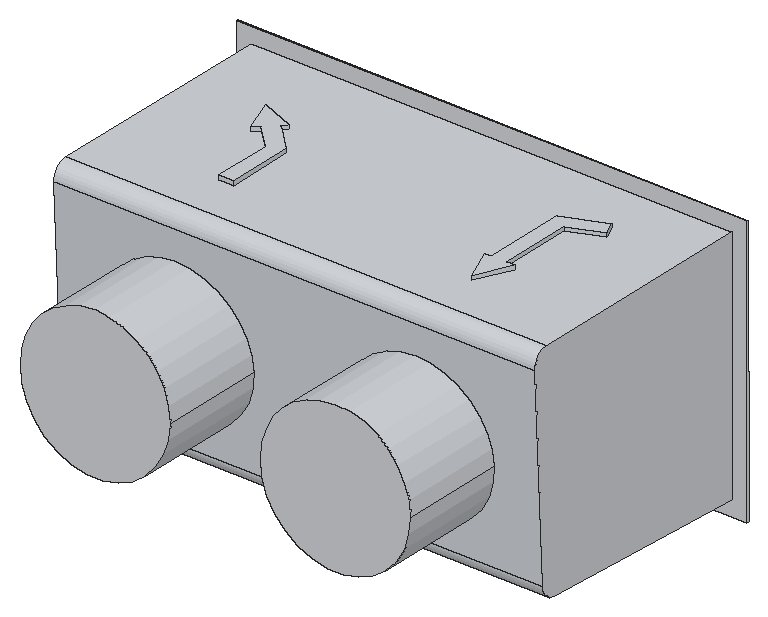
Revit family "DV-200", category Generic Models, Revit 2019
Family settings
  Can host rebar = No
  Round Connector Dimension = Use Diameter
  Part Type = Normal
  Work Plane-Based = No
  Always vertical = Yes
  Cut with Voids When Loaded = No
  Shared = No
  Room Calculation Point = No
Reference planes (in)
  plane 1 "Center (Front/Back)": y = 0
  plane 2: z = 7.91297
  plane 3 "Center (Left/Right)": x = 0
Forms (in)
  Extrusion 1, solid
    sketch origin (0, 0, 0) x (0, 1, 0) y (0, 0, 1)
      loop
        line (0, 0) -> (0, 8) -> (-7.76688, 8)
        arc (-7.76688, 8) -> (-8.12956, 7.84418) -> (-8.26619, 7.47383) r 0.5
        line (-8.26619, 7.47383) -> (-7.91975, 0.86341)
        arc (-7.91975, 0.86341) -> (-7.77399, 0.53602) -> (-7.44661, 0.39026) r 0.5
        line (-7.44661, 0.39026) -> (0, 0)
    from -8 to 8
  Extrusion 2, solid
    sketch origin (0, 0, 0) x (1, 0, 0) y (0, 0, 1)
      loop
        line (8.5, 8.5) -> (-8.5, 8.5) -> (-8.5, -0.5) -> (8.5, -0.5) -> (8.5, 8.5)
    from 0 to 0.05
  Extrusion 3, solid
    sketch origin (0, 0, 0) x (1, 0, 0) y (0, 0, 1)
      loop
        circle (4, 4) r 2.5
      loop
        circle (-4, 4) r 2.5
    from 0 to 11.54201
  Extrusion 4, void
    sketch origin (0, 0, 0) x (1, 0, 0) y (0, 0, 1)
      loop
        line (-7.63966, 7.66297) -> (-7.63966, 0.41297) -> (-1.25, 0.41297) -> (-1.25, 7.66297) -> (-7.63966, 7.66297)
      loop
        line (1.20621, 0.41297) -> (7.70621, 0.41297) -> (7.70621, 7.66297) -> (1.20621, 7.66297) -> (1.20621, 0.41297)
    from 0 to 1.25
  Extrusion 5, solid
    sketch origin (10.0754, 0, 8.33176) x (1, 0, 0) y (0, 1, 0)
      loop
        line (-7.42053, -1.33215) -> (-7.38043, -1.33215)
        arc (-7.38043, -1.33215) -> (-7.18463, -0.59872) -> (-6.73366, 0.01193) r 2.03508
        line (-6.73366, 0.01193) -> (-6.76197, 0.04024)
        arc (-6.76197, 0.04024) -> (-7.22164, -0.58339) -> (-7.42053, -1.33215) r 2.07508
    from -7.91879 to -0.66879
  Extrusion 6, solid
    sketch origin (11.0754, 0, 8.33176) x (1, 0, 0) y (0, 1, 0)
      loop
        line (-7.42053, -1.33215) -> (-7.38043, -1.33215)
        arc (-7.38043, -1.33215) -> (-7.18463, -0.59872) -> (-6.73366, 0.01193) r 2.03508
        line (-6.73366, 0.01193) -> (-6.76197, 0.04024)
        arc (-6.76197, 0.04024) -> (-7.22164, -0.58339) -> (-7.42053, -1.33215) r 2.07508
    from -7.91879 to -0.66879
  Extrusion 7, solid
    sketch origin (12.0754, 0, 8.33176) x (1, 0, 0) y (0, 1, 0)
      loop
        line (-7.42053, -1.33215) -> (-7.38043, -1.33215)
        arc (-7.38043, -1.33215) -> (-7.18463, -0.59872) -> (-6.73366, 0.01193) r 2.03508
        line (-6.73366, 0.01193) -> (-6.76197, 0.04024)
        arc (-6.76197, 0.04024) -> (-7.22164, -0.58339) -> (-7.42053, -1.33215) r 2.07508
    from -7.91879 to -0.66879
  Extrusion 8, solid
    sketch origin (13.0754, 0, 8.33176) x (1, 0, 0) y (0, 1, 0)
      loop
        line (-7.42053, -1.33215) -> (-7.38043, -1.33215)
        arc (-7.38043, -1.33215) -> (-7.18463, -0.59872) -> (-6.73366, 0.01193) r 2.03508
        line (-6.73366, 0.01193) -> (-6.76197, 0.04024)
        arc (-6.76197, 0.04024) -> (-7.22164, -0.58339) -> (-7.42053, -1.33215) r 2.07508
    from -7.91879 to -0.66879
  Extrusion 9, solid
    sketch origin (9.0754, 0, 8.33176) x (1, 0, 0) y (0, 1, 0)
      loop
        line (-7.42053, -1.33215) -> (-7.38043, -1.33215)
        arc (-7.38043, -1.33215) -> (-7.18463, -0.59872) -> (-6.73366, 0.01193) r 2.03508
        line (-6.73366, 0.01193) -> (-6.76197, 0.04024)
        arc (-6.76197, 0.04024) -> (-7.22164, -0.58339) -> (-7.42053, -1.33215) r 2.07508
    from -7.91879 to -0.66879
  Extrusion 10, solid
    sketch origin (14.0754, 0, 8.33176) x (1, 0, 0) y (0, 1, 0)
      loop
        line (-7.42053, -1.33215) -> (-7.38043, -1.33215)
        arc (-7.38043, -1.33215) -> (-7.18463, -0.59872) -> (-6.73366, 0.01193) r 2.03508
        line (-6.73366, 0.01193) -> (-6.76197, 0.04024)
        arc (-6.76197, 0.04024) -> (-7.22164, -0.58339) -> (-7.42053, -1.33215) r 2.07508
    from -7.91879 to -0.66879
  Extrusion 11, solid
    sketch origin (8.75, 0, 7.91297) x (1, 0, 0) y (0, 1, 0)
      loop
        line (-4.69483, -2.40254) -> (-4.69483, -5.11712) -> (-4.91656, -5.11712) -> (-4.44483, -6.25) -> (-3.91656, -5.11712) -> (-4.19483, -5.11712) -> (-4.19483, -2.73566) -> (-3.13708, -2.29522) -> (-3.32918, -1.83389) -> (-4.69483, -2.40254)
    from -0.59126 to 0.21203
  Extrusion 12, solid
    sketch origin (-10.03501, 0, -0.25581) x (0, 1, 0) y (-1, 0, 0)
      loop
        arc (-1.33215, -7.42053) -> (-0.58339, -7.22164) -> (0.04024, -6.76197) r 2.07508
        line (0.04024, -6.76197) -> (0.01193, -6.73366)
        arc (0.01193, -6.73366) -> (-0.59872, -7.18463) -> (-1.33215, -7.38043) r 2.03508
        line (-1.33215, -7.38043) -> (-1.33215, -7.42053)
    from 0.66879 to 7.91879
  Extrusion 13, solid
    sketch origin (-11.03501, 0, -0.25581) x (0, 1, 0) y (-1, 0, 0)
      loop
        arc (-1.33215, -7.42053) -> (-0.58339, -7.22164) -> (0.04024, -6.76197) r 2.07508
        line (0.04024, -6.76197) -> (0.01193, -6.73366)
        arc (0.01193, -6.73366) -> (-0.59872, -7.18463) -> (-1.33215, -7.38043) r 2.03508
        line (-1.33215, -7.38043) -> (-1.33215, -7.42053)
    from 0.66879 to 7.91879
  Extrusion 14, solid
    sketch origin (-12.03501, 0, -0.25581) x (0, 1, 0) y (-1, 0, 0)
      loop
        arc (-1.33215, -7.42053) -> (-0.58339, -7.22164) -> (0.04024, -6.76197) r 2.07508
        line (0.04024, -6.76197) -> (0.01193, -6.73366)
        arc (0.01193, -6.73366) -> (-0.59872, -7.18463) -> (-1.33215, -7.38043) r 2.03508
        line (-1.33215, -7.38043) -> (-1.33215, -7.42053)
    from 0.66879 to 7.91879
  Extrusion 15, solid
    sketch origin (-13.03501, 0, -0.25581) x (0, 1, 0) y (-1, 0, 0)
      loop
        arc (-1.33215, -7.42053) -> (-0.58339, -7.22164) -> (0.04024, -6.76197) r 2.07508
        line (0.04024, -6.76197) -> (0.01193, -6.73366)
        arc (0.01193, -6.73366) -> (-0.59872, -7.18463) -> (-1.33215, -7.38043) r 2.03508
        line (-1.33215, -7.38043) -> (-1.33215, -7.42053)
    from 0.66879 to 7.91879
  Extrusion 16, solid
    sketch origin (-14.03501, 0, -0.25581) x (0, 1, 0) y (-1, 0, 0)
      loop
        arc (-1.33215, -7.42053) -> (-0.58339, -7.22164) -> (0.04024, -6.76197) r 2.07508
        line (0.04024, -6.76197) -> (0.01193, -6.73366)
        arc (0.01193, -6.73366) -> (-0.59872, -7.18463) -> (-1.33215, -7.38043) r 2.03508
        line (-1.33215, -7.38043) -> (-1.33215, -7.42053)
    from 0.66879 to 7.91879
  Extrusion 17, solid
    sketch origin (-9.03501, 0, -0.25581) x (0, 1, 0) y (-1, 0, 0)
      loop
        arc (-1.33215, -7.42053) -> (-0.58339, -7.22164) -> (0.04024, -6.76197) r 2.07508
        line (0.04024, -6.76197) -> (0.01193, -6.73366)
        arc (0.01193, -6.73366) -> (-0.59872, -7.18463) -> (-1.33215, -7.38043) r 2.03508
        line (-1.33215, -7.38043) -> (-1.33215, -7.42053)
    from 0.66879 to 7.91879
  Extrusion 18, solid
    sketch origin (0, 0, 7.91297) x (1, 0, 0) y (0, 1, 0)
      loop
        line (-5.55657, -2.52385) -> (-5.11482, -3.69319) -> (-4.91804, -3.49641) -> (-4.16533, -4.24911) -> (-4.16533, -6.20657) -> (-3.66533, -6.20657) -> (-3.66533, -4.0204) -> (-4.54922, -3.13651) -> (-4.39769, -2.98498) -> (-5.55657, -2.52385)
    from 0 to 0.21203
Cuts and joins
  Extrusion 4 cuts Extrusion 1
  Extrusion 4 cuts Extrusion 2
  Extrusion 4 cuts Extrusion 3
  joined: Extrusion 1, Extrusion 2, Extrusion 3, Extrusion 11, Extrusion 18
Lines and regions (in)
  model lines
    curve 1: line (-5.55657, -2.52385, 7.91297) -> (-5.11482, -3.69319, 7.91297)
    curve 2: line (-5.11482, -3.69319, 7.91297) -> (-4.92045, -3.49405, 7.91297)
    curve 3: line (-4.41634, -2.97756, 7.91297) -> (-5.55657, -2.52385, 7.91297)
    curve 4: line (-4.57122, -3.13623, 7.91297) -> (-3.66533, -4.0204, 7.91297)
    curve 5: line (-4.16533, -4.23106, 7.91297) -> (-4.92045, -3.49405, 7.91297)
    curve 6: line (-4.57122, -3.13623, 7.91297) -> (-4.41634, -2.97756, 7.91297)
    curve 7: line (-4.16533, -4.23106, 7.91297) -> (-4.16533, -6.20657, 7.91297)
    curve 8: line (-4.16533, -6.20657, 7.91297) -> (-3.66533, -6.20657, 7.91297)
    curve 9: line (-3.66533, -6.20657, 7.91297) -> (-3.66533, -4.0204, 7.91297)
Dimensions and locks (in)
  cut or joined group of Extrusion 1, Extrusion 2, Extrusion 3, Extrusion 4, Extrusion 11, Extrusion 18 to cut or joined group of Extrusion 1, Extrusion 2, Extrusion 3, Extrusion 4, Extrusion 11, Extrusion 18 = 8.84587"
  Extrusion 1 sketch curve to Extrusion 1 sketch curve = 8.26619"
  aligned and locked: level to plane 2
Connectors (in)
  hvac at (4, -11.54201, 4)
    settings: on cut or joined group of Extrusion 1, Extrusion 2, Extrusion 3, Extrusion 4, Extrusion 11, Extrusion 18, index 1, duct flow 0.0 L/s, flow factor 0, pres drop 0.0 Pa, loss coef 0, conn angle 0.00°, conn width 304.8 mm, conn height 304.8 mm, conn diameter 127 mm, duct sys type 3, conn prof type 0, flow config 0, flow direction 2, loss method 0, conn ref index -1, conn util no, is conn primary yes, conn desc ""
  hvac at (-4, -11.54201, 4)
    settings: on cut or joined group of Extrusion 1, Extrusion 2, Extrusion 3, Extrusion 4, Extrusion 11, Extrusion 18, index 2, duct flow 0.0 L/s, flow factor 0, pres drop 0.0 Pa, loss coef 0, conn angle 0.00°, conn width 304.8 mm, conn height 304.8 mm, conn diameter 127 mm, duct sys type 3, conn prof type 0, flow config 0, flow direction 1, loss method 0, conn ref index -1, conn util no, is conn primary no, conn desc ""
